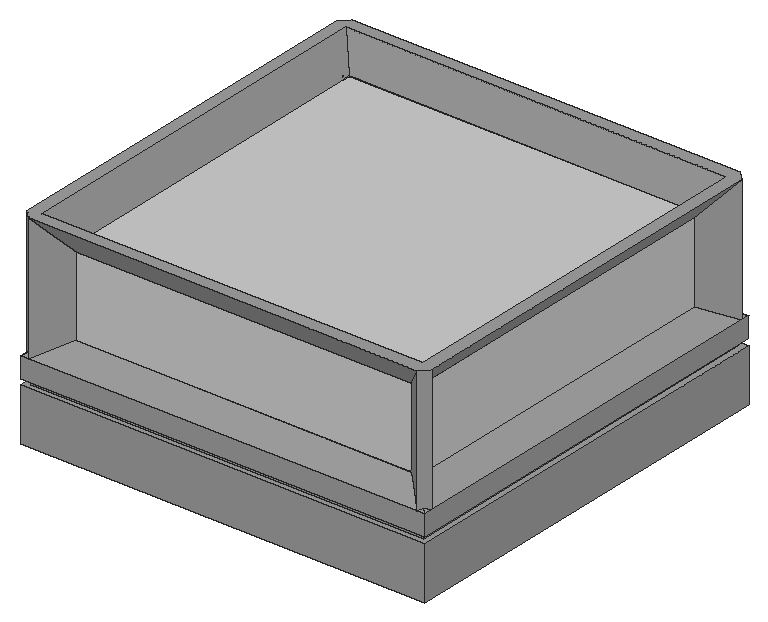
Revit family "22650_HOST_FACE", category Lighting Fixtures, host Face, Revit 2012
Parameters (values of type "Ceiling and Wall Luminaires - Unshielded")
  Wattage = 2.02636 W
  built-in parameter 1150110 = 1 (stored number, unit not read)
  URL = "www.bega-us.com"
  built-in parameter 1114217 = 1 (stored number, unit not read)
  Tilt Angle = 90.00°
  built-in parameter 1150109 = 1 (stored number, unit not read)
  built-in parameter 1150134 = (empty or 0)
  Telephone = "805.684.0533"
  built-in parameter 1150113 = 1 (stored number, unit not read)
  Photometric Web File = "22650.IES"
  Model = "22650"
  Manufacturer = "BEGA-US"
  built-in parameter 1150105 = 23.953 (stored number, unit not read)
  Lumens = 301 lm
  built-in parameter 1150115 = 1 (stored number, unit not read)
  built-in parameter 1150137 = (empty or 0)
  built-in parameter 1150139 = (empty or 0)
  built-in parameter 1150112 = 1 (stored number, unit not read)
  built-in parameter 1150114 = 1 (stored number, unit not read)
  Lamp = "6.5W LED"
  built-in parameter 1150132 = 2
  built-in parameter 1150102 = (empty or 0)
  built-in parameter 1150107 = 3000 (stored number, unit not read)
  built-in parameter 1150138 = (empty or 0)
  built-in parameter 1150106 = 0.23953 (stored number, unit not read)
  built-in parameter 1150104 = 13.8 (stored number, unit not read)
  Dimming Lamp Color Temperature Shift = <None>
  Description = "Surface wall and ceiling - glass block"
  Default Elevation = 0' - 0"
  Color Filter = 16777215
  built-in parameter 1114218 = 1 (stored number, unit not read)
  built-in parameter 1150133 = 10 (stored number, unit not read)
Reference planes (in)
  plane 1 "Center (Front/Back)": y = 0
  plane 2: z = 0
  plane 3 "Center (Left/Right)": x = 0
Dimensions and locks (in)
  aligned and locked: plane 2 to host face
  aligned and locked: level to host face
Nested families (in)
  nested 1: "2650LED" at (0, 0, 0), type "2650LED"
Connectors (in)
  electrical at (0, 0, 0)
    settings: on host face, index 1, voltage 0 V, apparent load 0 VA, apparent load phase1 0 VA, apparent load phase2 0 VA, apparent load phase3 0 VA, power factor 1, load classification "Other", number of poles 1, system type 31, power factor state 1, is connector primary yes, connector utility no, sub classification motor no, connector description ""
Definition of nested family "2650LED"
  Reference planes (in)
    plane 1 "Center (Front/Back)": y = 0
    plane 2: z = 0
    plane 3 "Center (Left/Right)": x = 0
  Forms (in)
    Extrusion 1, solid, material "Default"
      sketch origin (0, 0, 0) x (1, 0, 0) y (0, 1, 0)
        loop
          line (0, 4.3125) -> (-4.3125, 4.3125) -> (-4.3125, -4.3125) -> (4.3125, -4.3125) -> (4.3125, 4.3125) -> (0, 4.3125)
      from 0 to 0.125
    Extrusion 2, solid, material "Default"
      sketch origin (0, 0, 0) x (1, 0, 0) y (0, 1, 0)
        loop
          line (-4.3125, 4.3125) -> (-4.3125, -4.3125) -> (4.3125, -4.3125) -> (4.3125, 4.3125) -> (-4.3125, 4.3125)
        loop
          line (-4.0625, -4.0625) -> (4.0625, -4.0625) -> (4.0625, 4.0625) -> (-4.0625, 4.0625) -> (-4.0625, -4.0625)
      from 1.125 to 0.125
    Extrusion 3, solid, material "Default"
      sketch origin (0, 0, 0) x (1, 0, 0) y (0, 1, 0)
        loop
          line (-4.0625, 4.0625) -> (-4.0625, -4.0625) -> (4.0625, -4.0625) -> (4.0625, 4.0625) -> (-4.0625, 4.0625)
        loop
          line (-4.1875, 4.1875) -> (-4.1875, -4.1875) -> (4.1875, -4.1875) -> (4.1875, 4.1875) -> (-4.1875, 4.1875)
      from 1.125 to 1.25
    Extrusion 4, solid, material "Default"
      sketch origin (0, 0, 0) x (1, 0, 0) y (0, 1, 0)
        loop
          line (-4.0625, 4.0625) -> (-4.0625, -4.0625) -> (4.0625, -4.0625) -> (4.0625, 4.0625) -> (-4.0625, 4.0625)
        loop
          line (-4.3125, 4.3125) -> (-4.3125, -4.3125) -> (4.3125, -4.3125) -> (4.3125, 4.3125) -> (-4.3125, 4.3125)
      from 1.6875 to 1.25
    Blend 5, solid, material "Default"
      base sketch origin (0, 0, 0) x (1, 0, 0) y (0, 1, 0)
        loop
          line (-4.3125, 4.3125) -> (-4.3125, -4.3125) -> (4.3125, -4.3125) -> (4.3125, 4.3125) -> (-4.3125, 4.3125)
      top sketch origin (0, 0, 0) x (1, 0, 0) y (0, 1, 0)
        loop
          line (0, 3.75) -> (-3.75, 3.75) -> (-3.75, -3.75) -> (3.75, -3.75) -> (3.75, 3.75) -> (0, 3.75)
      from 1.6875 to 2
    Extrusion 6, solid, material "Default"
      sketch origin (0, 0, 0) x (1, 0, 0) y (0, 1, 0)
        loop
          line (-3.57322, 3.75) -> (-4.13572, 4.3125) -> (-4.3125, 4.13572) -> (-3.75, 3.57322) -> (-3.75, 3.75) -> (-3.57322, 3.75)
        loop
          line (-3.57322, -3.75) -> (-3.75, -3.75) -> (-3.75, -3.57322) -> (-4.3125, -4.13572) -> (-4.13572, -4.3125) -> (-3.57322, -3.75)
        loop
          line (3.57322, 3.75) -> (3.75, 3.75) -> (3.75, 3.57322) -> (4.3125, 4.13572) -> (4.13572, 4.3125) -> (3.57322, 3.75)
        loop
          line (3.57322, -3.75) -> (4.13572, -4.3125) -> (4.3125, -4.13572) -> (3.75, -3.57322) -> (3.75, -3.75) -> (3.57322, -3.75)
      from 1.6875 to 4.375
    Blend 7, solid, material "Default"
      base sketch origin (0, 0, 0) x (1, 0, 0) y (0, 1, 0)
        loop
          line (-4.3125, 4.13572) -> (-4.3125, -4.13572) -> (-4.13572, -4.3125) -> (4.13572, -4.3125) -> (4.3125, -4.13572) -> (4.3125, 4.13572) -> (4.13572, 4.3125) -> (-4.13572, 4.3125) -> (-4.3125, 4.13572)
      top sketch origin (0, 0, 0) x (1, 0, 0) y (0, 1, 0)
        loop
          line (-3.75, 3.75) -> (-3.75, -3.75) -> (3.75, -3.75) -> (3.75, 3.75) -> (-3.75, 3.75)
      from 4.375 to 3.6875
    Blend 8, void
      base sketch origin (0, 0, 0) x (1, 0, 0) y (0, 1, 0)
        loop
          line (-4.0625, 4.0625) -> (-4.0625, -4.0625) -> (4.0625, -4.0625) -> (4.0625, 4.0625) -> (-4.0625, 4.0625)
      top sketch origin (0, 0, 0) x (1, 0, 0) y (0, 1, 0)
        loop
          line (-3.75, 3.75) -> (-3.75, -3.75) -> (3.75, -3.75) -> (3.75, 3.75) -> (-3.75, 3.75)
      from 4.375 to 3.6875
    Extrusion 9, solid, material "Brushed stainless steel"
      sketch origin (0, 0, 0) x (1, 0, 0) y (0, 1, 0)
        loop
          arc (-3.625, 3.75) -> (-3.71339, 3.71339) -> (-3.75, 3.625) r 0.125
          line (-3.75, 3.625) -> (-3.75, -3.625)
          arc (-3.75, -3.625) -> (-3.71339, -3.71339) -> (-3.625, -3.75) r 0.125
          line (-3.625, -3.75) -> (3.625, -3.75)
          arc (3.625, -3.75) -> (3.71339, -3.71339) -> (3.75, -3.625) r 0.125
          line (3.75, -3.625) -> (3.75, 3.625)
          arc (3.75, 3.625) -> (3.71339, 3.71339) -> (3.625, 3.75) r 0.125
          line (3.625, 3.75) -> (-3.625, 3.75)
        loop
          line (-3.5, -3.5) -> (3.5, -3.5) -> (3.5, 3.5) -> (-3.5, 3.5) -> (-3.5, -3.5)
      from 1.6875 to 3.6875
    Extrusion 10, solid, material "Brushed stainless steel"
      sketch origin (0, 0, 0) x (1, 0, 0) y (0, 1, 0)
        loop
          line (-3.5, 3.5) -> (-3.5, -3.5) -> (3.5, -3.5) -> (3.5, 3.5) -> (-3.5, 3.5)
      from 3.4375 to 3.6875
  Cuts and joins
    Blend 8 cuts Extrusion 6
    Blend 8 cuts Blend 7
    joined: Blend 5, Extrusion 6, Blend 7
    joined: Extrusion 3, Extrusion 4
    joined: Extrusion 1, Extrusion 2
    joined: Extrusion 9, Extrusion 10
  Dimensions and locks (in)
    aligned and locked: plane 2 to level
